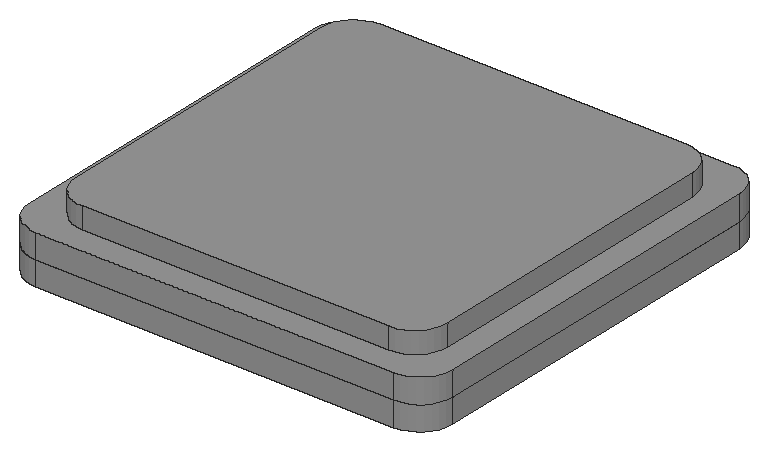
Revit family "FMS2_63_UN_Surface-mounted_ETK", category Lighting Fixtures, Revit 2019 (continued)
Definition of nested family "FMS.2 - Lightsource"
  Types (14, lengths in mm): name | Wattage Comments | Wattage | built-in parameter 1150134 | Photometric Web File | built-in parameter 1150142 | built-in parameter 1150105 | Lumens | built-in parameter 1150107 | built-in parameter 1150106 | Apparent Load
      63.2352\t462.4653\t461.567\t460.6688\r\n459.6422\t458.744\t457.7174\t456.6909\t455.6643\t454.5094\t453.4829\t452.4563\t451.3014\t449.505\r\n447.5802\t445.6554\t443.7306\t441.8058\t439.881\t437.8278\t435.6464\t433.5933\t431.5402\t429.487\r\n427.4339\t425.2525\t423.1994\t421.1462\t418.8365\t416.655\t414.4736\t412.2922\t410.1107\t407.801\r\n405.4912\t403.1814\t400.7434\t398.5619\t396.2522\t393.6858\t390.8627\t388.0397\t385.2166\t382.2653\r\n379.4422\t376.4909\t373.4112\t370.4598\t367.5085\t364.5571\t361.6058\t358.7827\t355.8314\t352.88\r\n349.9286\t346.9773\t344.1542\t341.2029\t338.2515\t335.1718\t332.2205\t329.2691\t326.3178\t323.1098\r\n319.7734\t316.3088\t312.8442\t309.3795\t306.0432\t302.7069\t299.2422\t295.9059\t292.5696\t289.2333\r\n285.897\t282.4323\t279.096\t275.7597\t272.295\t268.9587\t265.6224\t262.2861\t258.9498\t255.7418\r\n252.2771\t248.8125\t245.2195\t241.7549\t238.1619\t234.6973\t231.1043\t227.6397\t224.175\t220.7104\r\n217.1174\t213.7811\t210.3165\t206.8518\t203.3872\t200.0509\t196.5862\t193.2499\t189.7853\t186.3206\r\n182.5994\t179.0064\t175.5418\t171.9488\t168.3558\t164.8912\t161.4266\t157.8336\t154.2406\t150.776\r\n147.183\t143.7184\t140.2538\t136.6608\t133.1962\t129.7315\t126.3439\t122.9691\t119.5942\t116.2323\r\n112.8831\t109.5468\t106.2105\t102.8998\t99.602\t96.3042\t93.0192\t89.747\t86.4877\t83.2412\r\n79.9947\t76.7482\t73.8867\t71.0764\t68.2791\t65.4945\t62.71\t59.9383\t57.1794\t54.4205\r\n51.6745\t48.9284\t46.1952\t43.462\t40.7288\t38.0084\t34.8004\t29.7702\t24.7401\t19.71\r\n14.6798\t9.6548\t4.6259\t0\t0\t0\t0\t0\t0\t0\r\n0\r\n473.6291\t473.1158\t472.6026\t471.961\t471.4477\t470.8061\t470.2928\t469.6512\t469.0096\t468.368\r\n467.7264\t466.9565\t466.1866\t465.4166\t464.6467\t463.8768\t463.1069\t462.337\t461.567\t460.7971\r\n459.8989\t458.8723\t457.9741\t457.0758\t456.0493\t455.0227\t453.9962\t452.0714\t450.2749\t448.4784\r\n446.6819\t444.7571\t442.8323\t440.9075\t438.9827\t437.0579\t435.1331\t433.2083\t431.1552\t429.1021\r\n427.049\t424.9958\t422.9427\t420.8896\t418.7082\t416.655\t414.6019\t412.5488\t410.3674\t408.1859\r\n406.0045\t403.823\t401\t398.177\t395.4822\t392.5309\t389.7078\t386.7565\t383.9334\t381.2387\r\n378.4157\t375.5926\t372.7696\t369.9466\t367.1235\t364.3005\t361.4774\t358.6544\t355.703\t352.88\r\n350.057\t347.2339\t344.2826\t341.4595\t338.5082\t335.1718\t331.8355\t328.6275\t325.2912\t321.9549\r\n318.6186\t315.2822\t311.9459\t308.6096\t305.2733\t301.937\t298.6006\t295.2643\t291.928\t288.72\r\n285.3837\t282.0474\t278.8394\t275.503\t272.295\t268.9587\t265.4941\t261.9011\t258.4365\t254.9718\r\n251.5072\t248.0426\t244.5779\t241.1133\t237.5203\t234.0557\t230.591\t227.1264\t223.6618\t220.1971\r\n216.8608\t213.3962\t209.9315\t206.5952\t203.2589\t199.7942\t196.2013\t192.6083\t189.0154\t185.4224\r\n181.8294\t178.2365\t174.6435\t171.1789\t167.5859\t164.1213\t160.5283\t157.0637\t153.599\t150.1344\r\n146.5414\t143.0768\t139.6122\t136.1475\t132.8112\t129.3466\t125.9461\t122.5584\t119.1708\t115.796\r\n112.4212\t109.0592\t105.71\t102.3609\t99.0245\t95.7011\t92.3904\t89.0797\t85.7819\t82.5483\r\n79.6739\t76.8124\t73.9508\t71.1021\t68.2534\t65.4175\t62.5817\t59.7458\t56.9099\t54.0997\r\n51.2767\t48.4665\t45.6563\t42.8589\t40.0615\t36.43\t31.4641\t26.4981\t21.5321\t16.5533\r\n11.5873\t6.6187\t1.6476\t0\t0\t0\t0\t0\t0\t0\r\n0\r\n473.6291\t473.1158\t472.4742\t471.961\t471.3194\t470.6778\t470.1645\t469.5229\t468.8813\t468.2397\r\n467.5981\t466.9565\t466.1866\t465.4166\t464.6467\t463.8768\t463.1069\t462.337\t461.567\t460.7971\r\n460.0272\t459.2573\t458.359\t457.4608\t456.5626\t455.0227\t453.2262\t451.4298\t449.6333\t447.7085\r\n445.912\t444.1155\t442.1907\t440.3942\t438.4694\t436.5446\t434.6198\t432.695\t430.7702\t428.8454\r\n426.9206\t424.9958\t423.071\t421.0179\t418.9648\t417.04\t414.9869\t412.9338\t410.7523\t408.0576\r\n405.3629\t402.6682\t399.9734\t397.2787\t394.584\t391.761\t389.0662\t386.2432\t383.5485\t380.7254\r\n377.9024\t375.2077\t372.3846\t369.6899\t366.8669\t364.1722\t361.3491\t358.6544\t355.9597\t353.265\r\n350.4419\t347.3622\t344.0259\t340.8179\t337.4816\t334.1453\t330.9373\t327.601\t324.393\t321.0566\r\n317.8486\t314.5123\t311.3043\t307.968\t304.76\t301.552\t298.344\t295.0077\t291.7997\t288.5917\r\n285.2554\t282.0474\t278.711\t275.1181\t271.6534\t268.1888\t264.7242\t261.2595\t257.7949\t254.4586\r\n250.9939\t247.5293\t244.0646\t240.6\t237.2637\t233.799\t230.3344\t226.9981\t223.5334\t220.0688\r\n216.7325\t213.2678\t209.6749\t206.0819\t202.489\t199.0243\t195.4314\t191.8384\t188.2454\t184.7808\r\n181.1878\t177.7232\t174.1302\t170.5373\t167.0726\t163.4797\t160.015\t156.5504\t152.9574\t149.4928\r\n146.0282\t142.6918\t139.2272\t135.8909\t132.4262\t129.0899\t125.7023\t122.3018\t118.9141\t115.5265\r\n112.1388\t108.764\t105.3892\t102.0144\t98.6396\t95.2776\t91.9156\t88.6306\t85.6664\t82.7279\r\n79.7765\t76.8508\t73.9252\t71.0123\t68.0994\t65.2122\t62.325\t59.4507\t56.5635\t53.6891\r\n50.8276\t47.966\t45.0916\t42.2429\t38.4703\t33.5428\t28.6154\t23.675\t18.7476\t13.8201\r\n8.8849\t3.9535\t0\t0\t0\t0\t0\t0\t0\t0\r\n0\r\n473.6291\t473.1158\t472.4742\t471.8326\t471.191\t470.6778\t470.0362\t469.3946\t468.753\t468.1114\r\n467.4698\t466.8282\t466.1866\t465.4166\t464.6467\t464.0051\t463.2352\t462.4653\t461.6954\t460.9254\r\n460.1555\t459.3856\t458.6157\t457.8458\t456.1776\t454.3811\t452.5846\t450.7882\t448.9917\t447.1952\r\n445.3987\t443.6022\t441.8058\t440.0093\t438.2128\t436.288\t434.4915\t432.5667\t430.6419\t428.8454\r\n426.9206\t424.9958\t423.071\t421.1462\t419.3498\t417.425\t415.2435\t412.5488\t409.9824\t407.2877\r\n404.593\t401.8982\t399.2035\t396.5088\t393.9424\t391.1194\t388.553\t385.8582\t383.1635\t380.4688\r\n377.7741\t375.0794\t372.513\t369.8182\t366.9952\t364.3005\t361.6058\t358.911\t355.8314\t352.6234\r\n349.4154\t346.2074\t342.9994\t339.7914\t336.5834\t333.3754\t330.1674\t326.9594\t323.7514\t320.5434\r\n317.3354\t314.1274\t310.9194\t307.7114\t304.6317\t301.4237\t298.2157\t295.0077\t291.928\t288.4634\r\n284.9987\t281.5341\t278.0694\t274.6048\t271.1402\t267.6755\t264.2109\t260.7462\t257.4099\t253.9453\r\n250.609\t247.1443\t243.808\t240.3434\t237.007\t233.6707\t230.2061\t226.8698\t223.5334\t219.9405\r\n216.3475\t212.7546\t209.1616\t205.5686\t201.9757\t198.3827\t194.9181\t191.3251\t187.8605\t184.2675\r\n180.8029\t177.2099\t173.7453\t170.2806\t166.6877\t163.223\t159.6301\t156.1654\t152.7008\t149.2362\r\n145.7715\t142.3069\t138.9706\t135.5059\t132.0413\t128.705\t125.266\t121.8655\t118.4779\t115.0774\r\n111.6897\t108.3021\t104.9144\t101.5396\t98.1648\t94.79\t91.8001\t88.8231\t85.8461\t82.8691\r\n79.9049\t76.9407\t73.9893\t71.038\t68.0866\t65.1352\t62.1839\t59.2453\t56.294\t53.3555\r\n50.4169\t47.4784\t44.5399\t40.8956\t35.9809\t31.0791\t26.1644\t21.2626\t16.3608\t11.45\r\n6.5443\t1.6399\t0\t0\t0\t0\t0\t0\t0\t0\r\n0\r\n473.6291\t473.1158\t472.4742\t471.8326\t471.191\t470.5494\t469.9078\t469.2662\t468.6246\t467.983\r\n467.3414\t466.6998\t466.0582\t465.4166\t464.775\t464.0051\t463.3635\t462.5936\t461.8237\t461.1821\r\n460.4122\t459.6422\t458.8723\t457.2042\t455.4077\t453.7395\t452.0714\t450.2749\t448.6067\t446.9386\r\n445.1421\t443.3456\t441.5491\t439.7526\t437.9562\t436.1597\t434.3632\t432.5667\t430.7702\t428.9738\r\n427.1773\t425.2525\t423.456\t421.6595\t419.6064\t416.9117\t414.3453\t411.7789\t409.0842\t406.5178\r\n403.9514\t401.2566\t398.6902\t396.1238\t393.5574\t390.8627\t388.2963\t385.7299\t383.0352\t380.4688\r\n377.7741\t375.2077\t372.513\t369.8182\t367.2518\t364.5571\t361.3491\t358.2694\t355.0614\t351.8534\r\n348.7738\t345.5658\t342.3578\t339.2781\t336.0701\t332.9904\t329.7824\t326.5744\t323.4947\t320.2867\r\n317.207\t313.999\t310.791\t307.7114\t304.5034\t301.2954\t298.0874\t294.6227\t291.1581\t287.8218\r\n284.3571\t280.8925\t277.5562\t274.0915\t270.7552\t267.2906\t263.8259\t260.4896\t257.1533\t253.6886\r\n250.3523\t247.016\t243.5514\t240.215\t236.8787\t233.5424\t230.0778\t226.4848\t222.8918\t219.4272\r\n215.8342\t212.2413\t208.6483\t205.0554\t201.5907\t197.9978\t194.4048\t190.9402\t187.3472\t183.8826\r\n180.2896\t176.825\t173.3603\t169.7674\t166.3027\t162.8381\t159.3734\t155.9088\t152.4442\t148.9795\r\n145.5149\t142.1786\t138.7139\t135.2493\t131.913\t128.4483\t125.035\t121.6089\t118.1956\t114.7694\r\n111.3689\t107.9556\t104.5551\t101.1547\t97.9467\t94.944\t91.9284\t88.9258\t85.9102\t82.9076\r\n79.9049\t76.9022\t73.8995\t70.9096\t67.9069\t64.9171\t61.9272\t58.9374\t55.9604\t52.9705\r\n49.9935\t47.0036\t43.7186\t38.8296\t33.9278\t29.0388\t24.137\t19.248\t14.359\t9.4598\r\n4.5656\t0\t0\t0\t0\t0\t0\t0\t0\t0\r\n0\r\n473.6291\t472.9875\t472.3459\t471.7043\t471.191\t470.5494\t469.9078\t469.2662\t468.6246\t467.983\r\n467.3414\t466.6998\t466.0582\t465.4166\t464.6467\t464.0051\t463.3635\t462.7219\t462.0803\t461.3104\r\n460.6688\t459.8989\t458.4874\t456.8192\t455.151\t453.3546\t451.6864\t449.8899\t448.2218\t446.4253\r\n444.7571\t443.089\t441.2925\t439.6243\t437.8278\t436.1597\t434.3632\t432.5667\t430.7702\t428.9738\r\n427.1773\t425.3808\t423.7126\t421.4029\t418.8365\t416.3984\t413.832\t411.2656\t408.6992\t406.1328\r\n403.5664\t401\t398.4336\t395.8672\t393.3008\t390.7344\t388.168\t385.6016\t383.0352\t380.4688\r\n377.9024\t375.336\t372.7696\t370.0749\t367.1235\t363.9155\t360.8358\t357.6278\t354.5482\t351.4685\r\n348.2605\t345.1808\t342.1011\t339.0214\t335.8134\t332.7338\t329.6541\t326.4461\t323.3664\t320.1584\r\n317.0787\t313.999\t310.791\t307.7114\t304.375\t301.0387\t297.5741\t294.2378\t290.7731\t287.4368\r\n283.9722\t280.6358\t277.1712\t273.8349\t270.4986\t267.0339\t263.6976\t260.3613\t256.8966\t253.5603\r\n250.224\t246.8877\t243.423\t240.0867\t236.6221\t233.1574\t229.5645\t226.0998\t222.5069\t218.9139\r\n215.4493\t211.8563\t208.3917\t204.7987\t201.3341\t197.7411\t194.2765\t190.6835\t187.2189\t183.6259\r\n180.1613\t176.5683\t173.1037\t169.5107\t166.0461\t162.5814\t159.1168\t155.7805\t152.3158\t148.8512\r\n145.3866\t141.9219\t138.4573\t134.9926\t131.528\t128.1532\t124.7142\t121.2752\t117.8491\t114.4101\r\n110.984\t107.5578\t104.1188\t101.0007\t97.9723\t94.944\t91.9156\t88.8873\t85.8589\t82.8434\r\n79.815\t76.7995\t73.784\t70.7556\t67.7401\t64.7246\t61.7091\t58.6936\t55.678\t52.6625\r\n49.6598\t46.6443\t42.089\t37.2\t32.2981\t27.4092\t22.5073\t17.6183\t12.7255\t7.8314\r\n2.9372\t0\t0\t0\t0\t0\t0\t0\t0\t0\r\n0\r\n473.6291\t472.9875\t472.3459\t471.7043\t471.0627\t470.4211\t469.7795\t469.1379\t468.4963\t467.8547\r\n467.2131\t466.5715\t465.9299\t465.2883\t464.6467\t464.0051\t463.3635\t462.7219\t462.0803\t461.4387\r\n460.7971\t459.7706\t458.1024\t456.5626\t454.7661\t453.0979\t451.4298\t449.7616\t448.0934\t446.4253\r\n444.6288\t442.9606\t441.2925\t439.496\t437.8278\t436.1597\t434.3632\t432.695\t430.8986\t429.2304\r\n427.4339\t425.7658\t423.456\t421.0179\t418.4515\t415.8851\t413.447\t410.8806\t408.3142\t405.8762\r\n403.3098\t400.7434\t398.177\t395.6106\t393.0442\t390.6061\t388.0397\t385.4733\t383.0352\t380.4688\r\n377.9024\t375.336\t372.6413\t369.5616\t366.4819\t363.4022\t360.3226\t357.2429\t354.1632\t351.0835\r\n348.0038\t344.9242\t341.7162\t338.6365\t335.5568\t332.4771\t329.3974\t326.3178\t323.2381\t320.1584\r\n317.0787\t313.999\t310.9194\t307.4547\t304.1184\t300.6538\t297.3174\t293.9811\t290.5165\t287.1802\r\n283.8438\t280.3792\t277.0429\t273.7066\t270.3702\t266.9056\t263.5693\t260.233\t256.7683\t253.432\r\n250.0957\t246.7594\t243.2947\t239.8301\t236.2371\t232.7725\t229.1795\t225.7149\t222.2502\t218.6573\r\n215.1926\t211.5997\t208.135\t204.5421\t201.0774\t197.6128\t194.0198\t190.5552\t187.0906\t183.4976\r\n180.033\t176.5683\t172.9754\t169.5107\t166.0461\t162.5814\t159.1168\t155.6522\t152.1875\t148.7229\r\n145.2582\t141.7936\t138.329\t134.8643\t131.3997\t127.9864\t124.5346\t121.0699\t117.6181\t114.1663\r\n110.7145\t107.2627\t104.1188\t101.0648\t98.0236\t94.9825\t91.9413\t88.9001\t85.8589\t82.8177\r\n79.7765\t76.7354\t73.707\t70.6658\t67.6246\t64.5835\t61.5551\t58.5139\t55.4727\t52.4444\r\n49.4032\t45.7461\t40.8571\t35.9553\t31.0534\t26.1516\t21.2626\t16.3608\t11.459\t6.5597\r\n1.6617\t0\t0\t0\t0\t0\t0\t0\t0\t0\r\n0\r\n473.6291\t472.9875\t472.3459\t471.7043\t471.0627\t470.4211\t469.7795\t469.1379\t468.4963\t467.8547\r\n467.2131\t466.5715\t465.9299\t465.2883\t464.6467\t464.0051\t463.3635\t462.7219\t462.0803\t461.4387\r\n460.7971\t459.5139\t457.8458\t456.1776\t454.5094\t452.8413\t451.1731\t449.505\t447.8368\t446.1686\r\n444.5005\t442.9606\t441.2925\t439.6243\t437.9562\t436.288\t434.6198\t432.8234\t431.1552\t429.487\r\n427.8189\t425.7658\t423.1994\t420.7613\t418.1949\t415.7568\t413.1904\t410.7523\t408.1859\t405.6195\r\n403.1814\t400.615\t398.177\t395.6106\t393.0442\t390.6061\t388.0397\t385.6016\t383.0352\t380.5971\r\n378.0307\t375.4643\t372.3846\t369.305\t366.2253\t363.1456\t360.0659\t356.9862\t353.9066\t350.8269\r\n347.7472\t344.6675\t341.5878\t338.5082\t335.4285\t332.4771\t329.3974\t326.3178\t323.2381\t320.1584\r\n317.0787\t313.999\t310.6627\t307.1981\t303.8618\t300.5254\t297.1891\t293.8528\t290.3882\t287.0518\r\n283.7155\t280.3792\t276.9146\t273.5782\t270.2419\t266.9056\t263.5693\t260.1046\t256.7683\t253.432\r\n250.0957\t246.631\t243.1664\t239.7018\t236.1088\t232.6442\t229.0512\t225.5866\t221.9936\t218.529\r\n215.0643\t211.4714\t208.0067\t204.4138\t200.9491\t197.4845\t193.8915\t190.4269\t186.8339\t183.3693\r\n179.9046\t176.3117\t172.847\t169.3824\t165.9178\t162.4531\t158.9885\t155.5238\t152.0592\t148.5946\r\n145.1299\t141.7936\t138.329\t134.8643\t131.3997\t127.8965\t124.4319\t120.9801\t117.5155\t114.0636\r\n110.599\t107.314\t104.26\t101.1932\t98.1391\t95.0723\t92.0183\t88.9514\t85.8974\t82.8306\r\n79.7765\t76.7225\t73.6557\t70.6017\t67.5476\t64.4936\t61.4396\t58.3856\t55.3188\t52.2647\r\n49.2107\t44.8607\t39.9588\t35.057\t30.1552\t25.2534\t20.3516\t15.4497\t10.5453\t5.6435\r\n0.741\t0\t0\t0\t0\t0\t0\t0\t0\t0\r\n0\r\n473.6291\t472.9875\t472.3459\t471.7043\t471.0627\t470.4211\t469.7795\t469.1379\t468.4963\t467.8547\r\n467.2131\t466.5715\t465.9299\t465.2883\t464.6467\t464.0051\t463.3635\t462.7219\t462.0803\t461.567\r\n460.9254\t459.2573\t457.5891\t456.0493\t454.3811\t452.713\t451.0448\t449.3766\t447.7085\t446.0403\r\n444.3722\t442.704\t441.1642\t439.496\t437.8278\t436.1597\t434.4915\t432.8234\t431.1552\t429.487\r\n427.8189\t425.5091\t422.9427\t420.5046\t417.9382\t415.5002\t413.0621\t410.4957\t408.0576\t405.4912\r\n403.0531\t400.615\t398.0486\t395.6106\t393.0442\t390.6061\t388.0397\t385.6016\t383.1635\t380.5971\r\n378.159\t375.2077\t372.128\t369.0483\t366.097\t363.0173\t359.9376\t356.9862\t353.9066\t350.8269\r\n347.7472\t344.7958\t341.7162\t338.6365\t335.5568\t332.6054\t329.5258\t326.4461\t323.3664\t320.2867\r\n317.207\t313.999\t310.5344\t307.1981\t303.8618\t300.3971\t297.0608\t293.7245\t290.3882\t286.9235\r\n283.5872\t280.2509\t276.9146\t273.5782\t270.1136\t266.7773\t263.441\t260.1046\t256.7683\t253.3037\r\n249.9674\t246.5027\t243.0381\t239.4451\t235.9805\t232.5158\t228.9229\t225.4582\t221.9936\t218.4006\r\n214.936\t211.4714\t207.8784\t204.4138\t200.9491\t197.3562\t193.8915\t190.4269\t186.8339\t183.3693\r\n179.9046\t176.44\t172.9754\t169.5107\t166.0461\t162.5814\t159.1168\t155.6522\t152.1875\t148.7229\r\n145.2582\t141.7936\t138.329\t134.8643\t131.3997\t127.8709\t124.4062\t120.9416\t117.477\t114.0123\r\n110.5477\t107.4295\t104.3627\t101.2958\t98.229\t95.1621\t92.0953\t89.0284\t85.9616\t82.8947\r\n79.8279\t76.761\t73.6942\t70.6273\t67.5605\t64.4936\t61.4268\t58.3599\t55.2931\t52.2262\r\n49.1594\t44.3859\t39.4712\t34.5566\t29.6548\t24.7401\t19.8254\t14.9236\t10.0077\t5.0969\r\n0.1859\t0\t0\t0\t0\t0\t0\t0\t0\t0\r\n0\r\n473.6291\t472.9875\t472.4742\t471.8326\t471.191\t470.5494\t469.9078\t469.2662\t468.6246\t467.983\r\n467.3414\t466.6998\t466.0582\t465.4166\t464.775\t464.1334\t463.4918\t462.8502\t462.2086\t461.567\r\n460.9254\t459.2573\t457.7174\t456.0493\t454.3811\t452.713\t451.0448\t449.3766\t447.7085\t446.0403\r\n444.5005\t442.8323\t441.1642\t439.496\t437.8278\t436.1597\t434.4915\t432.8234\t431.2835\t429.6154\r\n427.9472\t425.3808\t422.9427\t420.3763\t417.9382\t415.5002\t412.9338\t410.4957\t407.9293\t405.4912\r\n402.9248\t400.4867\t397.9203\t395.4822\t393.0442\t390.4778\t388.0397\t385.4733\t383.0352\t380.4688\r\n378.0307\t374.951\t371.9997\t368.92\t365.8403\t362.889\t359.8093\t356.7296\t353.7782\t350.6986\r\n347.6189\t344.6675\t341.5878\t338.5082\t335.5568\t332.4771\t329.3974\t326.4461\t323.3664\t320.2867\r\n317.3354\t313.8707\t310.5344\t307.1981\t303.8618\t300.5254\t297.0608\t293.7245\t290.3882\t287.0518\r\n283.7155\t280.2509\t276.9146\t273.5782\t270.2419\t266.9056\t263.441\t260.1046\t256.7683\t253.432\r\n249.9674\t246.5027\t243.0381\t239.5734\t235.9805\t232.5158\t229.0512\t225.4582\t221.9936\t218.529\r\n215.0643\t211.4714\t208.0067\t204.5421\t200.9491\t197.4845\t194.0198\t190.4269\t186.9622\t183.4976\r\n180.033\t176.5683\t172.9754\t169.5107\t166.0461\t162.5814\t159.1168\t155.6522\t152.1875\t148.7229\r\n145.2582\t141.7936\t138.329\t134.8643\t131.3997\t127.935\t124.4704\t121.0058\t117.5283\t114.0636\r\n110.599\t107.5322\t104.4525\t101.3856\t98.3188\t95.2519\t92.1851\t89.1182\t86.0514\t82.9717\r\n79.9049\t76.838\t73.7712\t70.7043\t67.6375\t64.5706\t61.5038\t58.4241\t55.3572\t52.2904\r\n49.2236\t44.2961\t39.3814\t34.4539\t29.5393\t24.6118\t19.6843\t14.7696\t9.8447\t4.9224\r\n0\t0\t0\t0\t0\t0\t0\t0\t0\t0\r\n0\r\n473.6291\t472.9875\t472.3459\t471.8326\t471.191\t470.5494\t469.9078\t469.2662\t468.6246\t467.983\r\n467.3414\t466.6998\t466.0582\t465.4166\t464.6467\t464.0051\t463.3635\t462.7219\t462.0803\t461.4387\r\n460.7971\t459.2573\t457.5891\t455.921\t454.2528\t452.713\t451.0448\t449.3766\t447.7085\t446.0403\r\n444.3722\t442.8323\t441.1642\t439.496\t437.8278\t436.1597\t434.4915\t432.9517\t431.2835\t429.6154\r\n427.9472\t425.6374\t423.071\t420.633\t418.1949\t415.6285\t413.1904\t410.624\t408.1859\t405.6195\r\n403.1814\t400.615\t398.177\t395.6106\t393.1725\t390.6061\t388.168\t385.7299\t383.1635\t380.7254\r\n378.159\t375.2077\t372.128\t369.1766\t366.097\t363.0173\t359.9376\t356.8579\t353.9066\t350.8269\r\n347.7472\t344.6675\t341.7162\t338.6365\t335.5568\t332.4771\t329.3974\t326.4461\t323.3664\t320.2867\r\n317.207\t313.999\t310.6627\t307.1981\t303.8618\t300.5254\t297.1891\t293.8528\t290.5165\t287.0518\r\n283.7155\t280.3792\t277.0429\t273.7066\t270.
